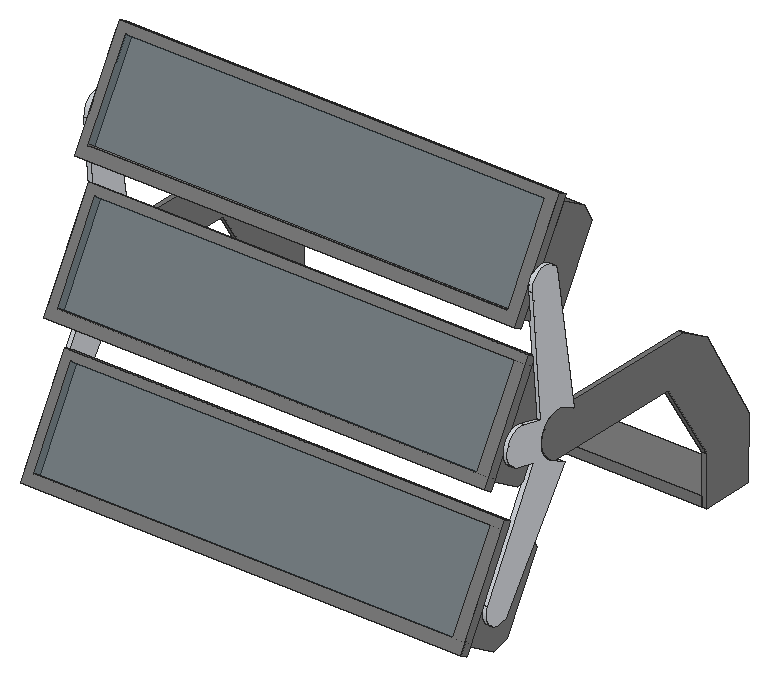
Revit family "Lighting-Floodlights-GEWISS-STADIUMPRO3-LED-HIGH-POWER_3MODULE", category Apparecchi per illuminazione, host Superficie, Revit 2019
Family settings
  Host = Superficie
  Quota connettore circolare = Usa diametro
  Tipo di parte = Normale
  Taglio con vuoti quando caricato = No
  Sorgente d'illuminazione = Sì
  Condiviso = No
  Punto di calcolo locali = Sì
Parameters (values of type "GWP3331AL740 - STADIUM PRO 3M CL.I C4 CRI 70 4000K")
  larghezza lampada = Lugnezza massima - 24 mm  # 50 mm
  Wiring = "Multipolar cable between floodlight and power supply"
  Wattage = 9.2903 W
  Warranty = "5 years"
  Visibilità etichetta [instance] = yes
  Visibilità simbolo [instance] = yes
  Visibilità lampada in pianta [instance] = yes
  Versions = "4000K natural light"
  Version file RFA = "21.4"
  Variazione temperatura colore lampada con luminosità attenuata = <Nessuno>
  Unique digital code (Datamatrix) = "Currently not present"
  Unified Glare Rating = "ULOR = 0%"
  URL = "https://www.gewiss.com/ww/en"
  Type of light source = "LED - Not replaceable"
  Tilt- = "Rotation on bracket with integrated goniometer"
  built-in parameter 1150107 = 3200 (stored number, unit not read)
  Technical sheet = "https://www.gewiss.com/ww/en/search?q=GWP3331AL740"
  Supply voltage = "See external supply unit"
  Stocking temperature = "-"
  Standards and approvals = "-"
  Standard- = "EN60598-1; EN60598-2-5; IEC 62471; IEC 62778"
  Standard Deviation Colour Matching = "SDCM = 5"
  Spostamento_x_effettivo [instance] = 4000 mm - Spostamento_x  # 4000 mm
  Spostamento_x [instance] = 0 mm
  Spostamento_y_effettivo [instance] = 4000 mm - Spostamento_y  # 4000 mm
  Spostamento_y [instance] = 0 mm
  Shock resistance = "IK08"
  Shield type = "Flat tempered glass 4mm"
  SEO = "Floodlight"
  Realized by GEWISS S.p.A. = ""
  Rated frequency (Hz) = "See external supply unit"
  ROTAZIONE [instance] = 45
  Photobiological Risk Class = "-"
  built-in parameter 1150110 = 1 (stored number, unit not read)
  built-in parameter 1150109 = 1 (stored number, unit not read)
  built-in parameter 1114218 = 1 (stored number, unit not read)
  built-in parameter 1150112 = 1 (stored number, unit not read)
  POSIZIONE = 80000  # constant formula
  Overvoltage protection = "See external supply unit"
  Optic and illuminating features = "-"
  Optic Maintenance = "Not available"
  Optic : = "T.I.R.Ex. Optical PMMA HT"
  Optic = "Circular 15°"
  Operating temperature : = "-25 +50 °C"
  built-in parameter 1150142 = (empty or 0)
  Mouting and installation = "Lighting tower - Surface"
  built-in parameter 1150137 = (empty or 0)
  built-in parameter 1150132 = (empty or 0)
  Maximum surface exposed to the wind : = "0,36 m2"
  Materials = "-"
  Luminaire = "High power LED floodlight"
  Lugnezza massima = 74 mm
  Default Elevation = 1219.2 mm
  Produttore = "GEWISS S.p.A."
  Nome quadro [instance] = "330W"
  Modello = "GWP3331AL740"
  Locking Hook = "-"
  Lifetime = "L90B10(Tq25°C)=40.000h; L80B10(Tq25°C)=75.000h"
  LED Maintenance = "Yes"
  built-in parameter 1150105 = 109.82 (stored number, unit not read)
  built-in parameter 1150102 = (empty or 0)
  Insulation class = "I"
  Installationa and maintenance = "-"
  Immagine tipo = StadiumPro3.jpg
  built-in parameter 1150106 = 1.0982 (stored number, unit not read)
  IPEA = "-"
  IP degree = "IP66"
  IDT = "0552d4b8-4f10-43b5-b8ac-94f59a03828d"
  IDF = "a6aa3e22-a2e7-464f-a96b-5eadfcc16f21"
  Glow Wire Test : = "-"
  General information = "-"
  Gasket = "Anti-aging silicone"
  Lumens = 1380 lm
  Fixing = "Bracket"
  Color Filter = 16777215
  File diagramma fotometrico = "generic"
  built-in parameter 1114217 = 1 (stored number, unit not read)
  built-in parameter 1150139 = (empty or 0)
  External screw = "Stainless steel"
  Emetti da lunghezza linea = 609.6 mm
  Eletrical and lighting features = "-"
  built-in parameter 1150104 = 13.8 (stored number, unit not read)
  EAN code = ""
  Driver failure rate = "See external supply unit"
  Driver Box = "External"
  Driver = "To be ordered separately"
  Distanza dal host [instance] = 0 mm
  built-in parameter 1150115 = 1 (stored number, unit not read)
  built-in parameter 1150114 = 1 (stored number, unit not read)
  built-in parameter 1150113 = 1 (stored number, unit not read)
  Device with reduced surface temperature = "-"
  Descrizione = "STADIUM PRO 3M CL.I C4 CRI 70 4000K"
  DIN 18032-3 certification = "-"
  Control System = "See external supply unit"
  Context = "Professional sport lighting"
  Colour : = "Polyester powder coated"
  Colour = "Graphite grey"
  built-in parameter 1150134 = 3
  built-in parameter 1150138 = (empty or 0)
  Color Rendering Index = "CRI70"
  Classification: = "-"
  Catalogue = "LIGHTING"
  COBie.Tagnumber = ""
  COBie.CreatedOn = ""
  COBie.CreatebBy = ""
  COBie.ComponentRegisterItemID = ""
  COBie.Component.TagNumber = ""
  COBie.Component.Space = ""
  COBie.Component.SerialNumber = ""
  COBie.Component.InstallationDate = ""
  COBie.Component.Description = ""
  COBie.Component.BarCode = ""
  Body = "Die-cast aluminium -"
  Application = "Indoor / Outdoor"
  Tilt Angle = 60.00°
  built-in parameter 1150133 = 10 (stored number, unit not read)
Types (45, lengths in mm): name | Versions | Technical sheet | Standard Deviation Colour Matching | Optic | Modello | IDT | Descrizione | Color Rendering Index | Catalogue
  GWP3331AA740 - STADIUM PRO 3M CL.I S1 CRI 70 4000K | "4000K natural light" | "https://www.gewiss.com/ww/en/search?q=GWP3331AA740" | "SDCM = 5" | "Elliptical 20°x80°" | "GWP3331AA740" | "71fdabe4-705b-402b-bde7-404b13334075" | "STADIUM PRO 3M CL.I S1 CRI 70 4000K" | "CRI70" | "LIGHTING"
  GWP3331AA757 - STADIUM PRO 3M CL.I S1 CRI 70 5700K | "5700K cold light" | "https://www.gewiss.com/ww/en/search?q=GWP3331AA757" | "SDCM = 5" | "Elliptical 20°x80°" | "GWP3331AA757" | "86822715-ef8b-44fd-92cd-ddf05a0e0fc7" | "STADIUM PRO 3M CL.I S1 CRI 70 5700K" | "CRI70" | "LIGHTING"
  GWP3331AA840 - STADIUM PRO 3M CL.I S1 CRI 80 4000K | "4000K natural light" | "https://www.gewiss.com/ww/en/search?q=GWP3331AA840" | "SDCM = 3" | "Elliptical 20°x80°" | "GWP3331AA840" | "6c9d6176-3996-44ba-8557-1cde0ca94f63" | "STADIUM PRO 3M CL.I S1 CRI 80 4000K" | "CRI 80" | "LIGHTING"
  GWP3331AA857 - STADIUM PRO 3M CL.I S1 CRI 80 5700K | "5700K cold light" | "https://www.gewiss.com/ww/en/search?q=GWP3331AA857" | "SDCM = 3" | "Elliptical 20°x80°" | "GWP3331AA857" | "d7a86529-2c71-42a8-9ee4-7475fefc1f36" | "STADIUM PRO 3M CL.I S1 CRI 80 5700K" | "CRI 80" | "LIGHTING"
  GWP3331AA957 - STADIUM PRO 3M CL.I S1 CRI 90 5700K | "5700K cold light" | "https://www.gewiss.com/ww/en/search?q=GWP3331AA957" | "SDCM = 3" | "Elliptical 20°x80°" | "GWP3331AA957" | "8c9b0eee-78f9-48f0-b5b3-69a8bcf728a4" | "STADIUM PRO 3M CL.I S1 CRI 90 5700K" | "CRI>90 TLCI>80" | "LIGHTING"
  GWP3331AB740 - STADIUM PRO 3M CL.I A1 CRI 70 4000K | "4000K natural light" | "https://www.gewiss.com/ww/en/search?q=GWP3331AB740" | "SDCM = 5" | "Asymmetric 45°" | "GWP3331AB740" | "7779b545-235d-4d2d-a88c-e6b2111916b2" | "STADIUM PRO 3M CL.I A1 CRI 70 4000K" | "CRI70" | "LIGHTING"
  GWP3331AB757 - STADIUM PRO 3M CL.I A1 CRI 70 5700K | "5700K cold light" | "https://www.gewiss.com/ww/en/search?q=GWP3331AB757" | "SDCM = 5" | "Asymmetric 45°" | "GWP3331AB757" | "cd94a00a-7a15-480d-99f9-1775612c0266" | "STADIUM PRO 3M CL.I A1 CRI 70 5700K" | "CRI70" | "LIGHTING"
  GWP3331AB840 - STADIUM PRO 3M CL.I A1 CRI 80 4000K | "4000K natural light" | "https://www.gewiss.com/ww/en/search?q=GWP3331AB840" | "SDCM = 3" | "Asymmetric 45°" | "GWP3331AB840" | "0763388b-06d3-4791-af85-db7ff9b0ad57" | "STADIUM PRO 3M CL.I A1 CRI 80 4000K" | "CRI 80" | "LIGHTING"
  GWP3331AB857 - STADIUM PRO 3M CL.I A1 CRI 80 5700K | "5700K cold light" | "https://www.gewiss.com/ww/en/search?q=GWP3331AB857" | "SDCM = 3" | "Asymmetric 45°" | "GWP3331AB857" | "0cd2f741-1339-4252-b5d5-594086270e6f" | "STADIUM PRO 3M CL.I A1 CRI 80 5700K" | "CRI 80" | "LIGHTING"
  GWP3331AB957 - STADIUM PRO 3M CL.I A1 CRI 90 5700K | "5700K cold light" | "https://www.gewiss.com/ww/en/search?q=GWP3331AB957" | "SDCM = 3" | "Asymmetric 45°" | "GWP3331AB957" | "7879698d-3909-4ecf-8006-535fa260dbb2" | "STADIUM PRO 3M CL.I A1 CRI 90 5700K" | "CRI>90 TLCI>80" | "LIGHTING"
  GWP3331AC740 - STADIUM PRO 3M CL.I A2 CRI 70 4000K | "4000K natural light" | "https://www.gewiss.com/ww/en/search?q=GWP3331AC740" | "SDCM = 5" | "Asymmetric 60°" | "GWP3331AC740" | "815a150e-9c42-445c-a4b8-0061953f2721" | "STADIUM PRO 3M CL.I A2 CRI 70 4000K" | "CRI70" | "LIGHTING"
  GWP3331AC757 - STADIUM PRO 3M CL.I A2 CRI 70 5700K | "5700K cold light" | "https://www.gewiss.com/ww/en/search?q=GWP3331AC757" | "SDCM = 5" | "Asymmetric 60°" | "GWP3331AC757" | "915c9f21-ba1a-4954-849c-20926e506c8f" | "STADIUM PRO 3M CL.I A2 CRI 70 5700K" | "CRI70" | "LIGHTING"
  GWP3331AC840 - STADIUM PRO 3M CL.I A2 CRI 80 4000K | "4000K natural light" | "https://www.gewiss.com/ww/en/search?q=GWP3331AC840" | "SDCM = 3" | "Asymmetric 60°" | "GWP3331AC840" | "36156798-dc2a-4a24-876f-3ad15a323767" | "STADIUM PRO 3M CL.I A2 CRI 80 4000K" | "CRI 80" | "LIGHTING"
  GWP3331AC857 - STADIUM PRO 3M CL.I A2 CRI 80 5700K | "5700K cold light" | "https://www.gewiss.com/ww/en/search?q=GWP3331AC857" | "SDCM = 3" | "Asymmetric 60°" | "GWP3331AC857" | "a20a3174-aa11-4737-9ba4-7e90430fb485" | "STADIUM PRO 3M CL.I A2 CRI 80 5700K" | "CRI 80" | "LIGHTING"
  GWP3331AC957 - STADIUM PRO 3M CL.I A2 CRI 90 5700K | "5700K cold light" | "https://www.gewiss.com/ww/en/search?q=GWP3331AC957" | "SDCM = 3" | "Asymmetric 60°" | "GWP3331AC957" | "6608a637-5511-41da-b4f4-c256cdc47868" | "STADIUM PRO 3M CL.I A2 CRI 90 5700K" | "CRI>90 TLCI>80" | "LIGHTING"
  GWP3331AF740 - STADIUM PRO 3M CL.I C1 CRI 70 4000K | "4000K natural light" | "https://www.gewiss.com/ww/en/search?q=GWP3331AF740" | "SDCM = 5" | "Circular 40°" | "GWP3331AF740" | "f46962fe-b53f-4c9f-81fd-3338e319fd29" | "STADIUM PRO 3M CL.I C1 CRI 70 4000K" | "CRI70" | "LIGHTING"
  GWP3331AF757 - STADIUM PRO 3M CL.I C1 CRI 70 5700K | "5700K cold light" | "https://www.gewiss.com/ww/en/search?q=GWP3331AF757" | "SDCM = 5" | "Circular 40°" | "GWP3331AF757" | "702547e1-c0cd-444c-8765-e8e4b7414ba0" | "STADIUM PRO 3M CL.I C1 CRI 70 5700K" | "CRI70" | "LIGHTING"
  GWP3331AF840 - STADIUM PRO 3M CL.I C1 CRI 80 4000K | "4000K natural light" | "https://www.gewiss.com/ww/en/search?q=GWP3331AF840" | "SDCM = 3" | "Circular 40°" | "GWP3331AF840" | "a2956d2d-f5de-4c93-86d0-7d418a8d4cef" | "STADIUM PRO 3M CL.I C1 CRI 80 4000K" | "CRI 80" | "LIGHTING"
  GWP3331AF857 - STADIUM PRO 3M CL.I C1 CRI 80 5700K | "5700K cold light" | "https://www.gewiss.com/ww/en/search?q=GWP3331AF857" | "SDCM = 3" | "Circular 40°" | "GWP3331AF857" | "92a87940-a9e4-4797-9f21-019feff4503c" | "STADIUM PRO 3M CL.I C1 CRI 80 5700K" | "CRI 80" | "LIGHTING"
  GWP3331AF957 - STADIUM PRO 3M CL.I C1 CRI 90 5700K | "5700K cold light" | "https://www.gewiss.com/ww/en/search?q=GWP3331AF957" | "SDCM = 3" | "Circular 40°" | "GWP3331AF957" | "6ac2cecf-453b-4bb9-a587-70d62aa0fd80" | "STADIUM PRO 3M CL.I C1 CRI 90 5700K" | "CRI>90 TLCI>80" | "LIGHTING"
  GWP3331AG740 - STADIUM PRO 3M CL.I C2 CRI 70 4000K | "4000K natural light" | "https://www.gewiss.com/ww/en/search?q=GWP3331AG740" | "SDCM = 5" | "Circular 30°" | "GWP3331AG740" | "5290b1b7-c64a-49e5-8722-827858a68237" | "STADIUM PRO 3M CL.I C2 CRI 70 4000K" | "CRI70" | "E-MOBILITY"
  GWP3331AG757 - STADIUM PRO 3M CL.I C2 CRI 70 5700K | "5700K cold light" | "https://www.gewiss.com/ww/en/search?q=GWP3331AG757" | "SDCM = 5" | "Circular 30°" | "GWP3331AG757" | "81c4e4d4-3526-4bd5-a476-a2a7c36a0262" | "STADIUM PRO 3M CL.I C2 CRI 70 5700K" | "CRI70" | "E-MOBILITY"
  GWP3331AG840 - STADIUM PRO 3M CL.I C2 CRI 80 4000K | "4000K natural light" | "https://www.gewiss.com/ww/en/search?q=GWP3331AG840" | "SDCM = 3" | "Circular 30°" | "GWP3331AG840" | "a9f5d21e-61cc-4412-90f5-663f16b3a050" | "STADIUM PRO 3M CL.I C2 CRI 80 4000K" | "CRI 80" | "E-MOBILITY"
  GWP3331AG857 - STADIUM PRO 3M CL.I C2 CRI 80 5700K | "5700K cold light" | "https://www.gewiss.com/ww/en/search?q=GWP3331AG857" | "SDCM = 3" | "Circular 30°" | "GWP3331AG857" | "774f905b-7e1d-4775-b545-e0850524c04a" | "STADIUM PRO 3M CL.I C2 CRI 80 5700K" | "CRI 80" | "E-MOBILITY"
  GWP3331AG957 - STADIUM PRO 3M CL.I C2 CRI 90 5700K | "5700K cold light" | "https://www.gewiss.com/ww/en/search?q=GWP3331AG957" | "SDCM = 3" | "Circular 30°" | "GWP3331AG957" | "db11d14e-f22d-4704-b172-c2878a01aaf5" | "STADIUM PRO 3M CL.I C2 CRI 90 5700K" | "CRI>90 TLCI>80" | "E-MOBILITY"
  GWP3331AH740 - STADIUM PRO 3M CL.I C3 CRI 70 4000K | "4000K natural light" | "https://www.gewiss.com/ww/en/search?q=GWP3331AH740" | "SDCM = 5" | "Circular 20°" | "GWP3331AH740" | "ce776ef3-688d-444e-bfc2-ab5dcef6a08b" | "STADIUM PRO 3M CL.I C3 CRI 70 4000K" | "CRI70" | "LIGHTING"
  GWP3331AH757 - STADIUM PRO 3M CL.I C3 CRI 70 5700K | "5700K cold light" | "https://www.gewiss.com/ww/en/search?q=GWP3331AH757" | "SDCM = 5" | "Circular 20°" | "GWP3331AH757" | "bf0c7a26-62ab-4f78-b6cd-52980975e69f" | "STADIUM PRO 3M CL.I C3 CRI 70 5700K" | "CRI70" | "LIGHTING"
  GWP3331AH840 - STADIUM PRO 3M CL.I C3 CRI 80 4000K | "4000K natural light" | "https://www.gewiss.com/ww/en/search?q=GWP3331AH840" | "SDCM = 3" | "Circular 20°" | "GWP3331AH840" | "97a5dc25-16c0-4c51-8f42-66c89eeb39dc" | "STADIUM PRO 3M CL.I C3 CRI 80 4000K" | "CRI 80" | "LIGHTING"
  GWP3331AH857 - STADIUM PRO 3M CL.I C3 CRI 80 5700K | "5700K cold light" | "https://www.gewiss.com/ww/en/search?q=GWP3331AH857" | "SDCM = 3" | "Circular 20°" | "GWP3331AH857" | "dce5b2c5-2183-47f1-afb5-765aefca26e8" | "STADIUM PRO 3M CL.I C3 CRI 80 5700K" | "CRI 80" | "LIGHTING"
  GWP3331AH957 - STADIUM PRO 3M CL.I C3 CRI 90 5700K | "5700K cold light" | "https://www.gewiss.com/ww/en/search?q=GWP3331AH957" | "SDCM = 3" | "Circular 20°" | "GWP3331AH957" | "ba6318ad-611b-439e-b5c2-aca014c0d9dc" | "STADIUM PRO 3M CL.I C3 CRI 90 5700K" | "CRI>90 TLCI>80" | "LIGHTING"
  GWP3331AL740 - STADIUM PRO 3M CL.I C4 CRI 70 4000K | "4000K natural light" | "https://www.gewiss.com/ww/en/search?q=GWP3331AL740" | "SDCM = 5" | "Circular 15°" | "GWP3331AL740" | "0552d4b8-4f10-43b5-b8ac-94f59a03828d" | "STADIUM PRO 3M CL.I C4 CRI 70 4000K" | "CRI70" | "LIGHTING"
  GWP3331AL757 - STADIUM PRO 3M CL.I C4 CRI 70 5700K | "5700K cold light" | "https://www.gewiss.com/ww/en/search?q=GWP3331AL757" | "SDCM = 5" | "Circular 15°" | "GWP3331AL757" | "73ce639a-ade1-45e8-83a6-d947f467ffc0" | "STADIUM PRO 3M CL.I C4 CRI 70 5700K" | "CRI70" | "LIGHTING"
  GWP3331AL840 - STADIUM PRO 3M CL.I C4 CRI 80 4000K | "4000K natural light" | "https://www.gewiss.com/ww/en/search?q=GWP3331AL840" | "SDCM = 3" | "Circular 15°" | "GWP3331AL840" | "19e65261-286f-48ed-97d2-5e6e49ac884a" | "STADIUM PRO 3M CL.I C4 CRI 80 4000K" | "CRI 80" | "LIGHTING"
  GWP3331AL857 - STADIUM PRO 3M CL.I C4 CRI 80 5700K | "5700K cold light" | "https://www.gewiss.com/ww/en/search?q=GWP3331AL857" | "SDCM = 3" | "Circular 15°" | "GWP3331AL857" | "ff0fbeb8-f432-456e-b48a-ec8e42250fba" | "STADIUM PRO 3M CL.I C4 CRI 80 5700K" | "CRI 80" | "LIGHTING"
  GWP3331AL957 - STADIUM PRO 3M CL.I C4 CRI 90 5700K | "5700K cold light" | "https://www.gewiss.com/ww/en/search?q=GWP3331AL957" | "SDCM = 3" | "Circular 15°" | "GWP3331AL957" | "a7b0abd9-eeeb-44e5-8f71-daae8391bdf7" | "STADIUM PRO 3M CL.I C4 CRI 90 5700K" | "CRI>90 TLCI>80" | "LIGHTING"
  GWP3331AM740 - STADIUM PRO 3M CL.I C5 CRI 70 4000K | "4000K natural light" | "https://www.gewiss.com/ww/en/search?q=GWP3331AM740" | "SDCM = 5" | "Circular 10°" | "GWP3331AM740" | "b7cdc911-917d-4dfa-b375-a9316b186adc" | "STADIUM PRO 3M CL.I C5 CRI 70 4000K" | "CRI70" | "LIGHTING"
  GWP3331AM757 - STADIUM PRO 3M CL.I C5 CRI 70 5700K | "5700K cold light" | "https://www.gewiss.com/ww/en/search?q=GWP3331AM757" | "SDCM = 5" | "Circular 10°" | "GWP3331AM757" | "f908a28e-8f6d-4745-a78d-ffd2d7fa923e" | "STADIUM PRO 3M CL.I C5 CRI 70 5700K" | "CRI70" | "LIGHTING"
  GWP3331AM840 - STADIUM PRO 3M CL.I C5 CRI 80 4000K | "4000K natural light" | "https://www.gewiss.com/ww/en/search?q=GWP3331AM840" | "SDCM = 3" | "Circular 10°" | "GWP3331AM840" | "215ed7bf-df99-4965-a5d5-e1b266dc5921" | "STADIUM PRO 3M CL.I C5 CRI 80 4000K" | "CRI 80" | "LIGHTING"
  GWP3331AM857 - STADIUM PRO 3M CL.I C5 CRI 80 5700K | "5700K cold light" | "https://www.gewiss.com/ww/en/search?q=GWP3331AM857" | "SDCM = 3" | "Circular 10°" | "GWP3331AM857" | "cc49035c-61d2-40c0-96bd-6905311b9708" | "STADIUM PRO 3M CL.I C5 CRI 80 5700K" | "CRI 80" | "LIGHTING"
  GWP3331AM957 - STADIUM PRO 3M CL.I C5 CRI 90 5700K | "5700K cold light" | "https://www.gewiss.com/ww/en/search?q=GWP3331AM957" | "SDCM = 3" | "Circular 10°" | "GWP3331AM957" | "683fba22-30e8-4dd1-a8d4-a609f3f74284" | "STADIUM PRO 3M CL.I C5 CRI 90 5700K" | "CRI>90 TLCI>80" | "LIGHTING"
  GWP3331AN740 - STADIUM PRO 3M CL.I C6 CRI 70 4000K | "4000K natural light" | "https://www.gewiss.com/ww/en/search?q=GWP3331AN740" | "SDCM = 5" | "Circular 8°" | "GWP3331AN740" | "7a008514-a58f-4326-89a7-589802c57b4a" | "STADIUM PRO 3M CL.I C6 CRI 70 4000K" | "CRI70" | "LIGHTING"
  GWP3331AN757 - STADIUM PRO 3M CL.I C6 CRI 70 5700K | "5700K cold light" | "https://www.gewiss.com/ww/en/search?q=GWP3331AN757" | "SDCM = 5" | "Circular 8°" | "GWP3331AN757" | "4e45877b-e59a-42db-a2e8-606d3c806e60" | "STADIUM PRO 3M CL.I C6 CRI 70 5700K" | "CRI70" | "LIGHTING"
  GWP3331AN840 - STADIUM PRO 3M CL.I C6 CRI 80 4000K | "4000K natural light" | "https://www.gewiss.com/ww/en/search?q=GWP3331AN840" | "SDCM = 3" | "Circular 8°" | "GWP3331AN840" | "428c101d-cf29-407a-a6e5-3667f7e04ae1" | "STADIUM PRO 3M CL.I C6 CRI 80 4000K" | "CRI 80" | "LIGHTING"
  GWP3331AN857 - STADIUM PRO 3M CL.I C6 CRI 80 5700K | "5700K cold light" | "https://www.gewiss.com/ww/en/search?q=GWP3331AN857" | "SDCM = 3" | "Circular 8°" | "GWP3331AN857" | "2f198fc4-9a28-4f4b-ac8e-fee77655797c" | "STADIUM PRO 3M CL.I C6 CRI 80 5700K" | "CRI 80" | "LIGHTING"
  GWP3331AN957 - STADIUM PRO 3M CL.I C6 CRI 90 5700K | "5700K cold light" | "https://www.gewiss.com/ww/en/search?q=GWP3331AN957" | "SDCM = 3" | "Circular 8°" | "GWP3331AN957" | "6f5f09dc-d08a-4090-8c79-dae2e8ca9029" | "STADIUM PRO 3M CL.I C6 CRI 90 5700K" | "CRI>90 TLCI>80" | "LIGHTING"
Reference planes
  plane 1 "Centro (Fronte/Retro)": y = 0
  plane 2: z = 0
  plane 3 "Centro (Sinistra/Destra)": x = 0
  plane 4: x = -4000
  plane 5: x = 0
  plane 6: x = 0
  plane 7: y = -4000
  plane 8: y = 0
  plane 9 "a": through (0, -290.182, 34.975) normal (0, -0.7071, 0.7071)
  plane 10: through (-235.047, -128.222, 1219.2) normal (-0.9563, 0.2924, 0)
  plane 11: through (-40, -89.462, 1219.2) normal (0.1564, 0.9877, 0)
  plane 12: through (239.503, 190.64, 1219.2) normal (0.9563, -0.2924, 0)
Dimensions and locks
  plane 4 to plane 3 "Centro (Sinistra/Destra)" = 4000 mm  (x2)
  "Spostamento_x_effettivo": plane 4 to plane 5
  "Spostamento_x_effettivo": plane 6 to plane 4
  "Spostamento_y_effettivo": plane 8 to plane 7
  plane 1 "Centro (Fronte/Retro)" to plane 7 = 4000 mm
  angle plane 11 to plane 12 = 82.00°  (x2)
  angle plane 10 to plane 11 = 98.00°
  aligned and locked: plane 2 to host face
  aligned and locked: level to host face
  aligned and locked: plane 6 to nested 1
  aligned and locked: nested 1 to plane 8
  aligned and locked: plane 8 to nested 2
  aligned and locked: imposter light to nested 2
Automatic sketch dimensions
  host sketch curve to host sketch curve = 2438.4 mm  (x2)
Nested families
  nested 1: "Etichetta light" at (0, 0, 0), visible <- "Visibilità etichetta", type "Etichetta light"
  nested 2: "STADIUM PRO 3_led" at (0, -90, 0), type "STADIUM PRO 3_led"
Definition of nested family "STADIUM PRO 3_led"
  Parameters (values of type "STADIUM PRO 3_led")
    led = none
    l_proiettore = 772 mm
    h_lampada = 58 mm
    Finitura struttura = none
  Reference planes
    plane 1 "Centro (Fronte/Retro)": y = 0
    plane 2: z = 0
    plane 3 "Centro (Sinistra/Destra)": x = 0
    plane 4: x = 386
    plane 5: x = 378
    plane 6: x = -386
    plane 7: x = -378
    plane 8: y = 90
  Forms (mm)
    Extrusion 1, solid, material <- "Finitura struttura"
      sketch origin (0, 0, 0) x (0, 1, 0) y (0, 0, -1)
        loop
          arc (-316.352, -217.267) -> (-353.722, -254.637) -> (-316.352, -292.007) r 37.37
          line (-316.352, -292.007) -> (-48.852, -292.007) -> (0, -263.802) -> (90, -107.918) -> (90, 0) -> (0, 0) -> (0, -85) -> (-82.649, -217.267) -> (-316.352, -217.267)
      from 378 to 386
    Extrusion 2, solid, material <- "Finitura struttura"
      sketch origin (0, 0, 0) x (1, 0, 0) y (0, 1, 0)
        loop
          line (378, 0) -> (378, 90) -> (-378, 90) -> (-378, 0) -> (378, 0)
      from 0 to 16.178
    Extrusion 3, solid, material <- "Finitura struttura"
      sketch origin (0, 0, 0) x (0, 1, 0) y (0, 0, 1)
        loop
          line (-316.352, 217.267) -> (-82.649, 217.267) -> (0, 85) -> (0, 0) -> (90, 0) -> (90, 107.918) -> (0, 263.802) -> (-48.852, 292.007) -> (-316.352, 292.007)
          arc (-316.352, 292.007) -> (-353.722, 254.637) -> (-316.352, 217.267) r 37.37
      from 378 to 386
    Extrusion 4, solid, material <- "led"
      sketch origin (0, 1268.525, -1383.744) x (0, 0.866025, -0.5) y (0, 0.5, 0.866025)
        loop
          line (-2238.14, 322.274) -> (-2223.14, 322.274) -> (-2223.14, 482.274) -> (-2238.14, 482.274) -> (-2238.14, 322.274)
      from -378 to 378
    Extrusion 5, solid, material <- "Finitura struttura"
      sketch origin (0, 1262.235, -1379.076) x (0, 0.866025, -0.5) y (0, 0.5, 0.866025)
        loop
          line (-2215.359, 316.368) -> (-2156.261, 316.368) -> (-2135.048, 337.581) -> (-2135.048, 467.581) -> (-2165.359, 485.081) -> (-2215.359, 485.081) -> (-2215.359, 316.368)
      from -378 to 378
    Extrusion 6, solid, material <- "Finitura struttura"
      sketch origin (0, -28.39, -231.475) x (1, 0, 0) y (0, 0.5, 0.866025)
        loop
          line (-378, 146.542) -> (-378, -45.315) -> (378, -45.315) -> (378, 146.542) -> (-378, 146.542)
        loop
          line (-362.033, 132.837) -> (-362.033, -27.163) -> (357.967, -27.163) -> (357.967, 132.837) -> (-362.033, 132.837)
      from 523.844 to 538.844
    Extrusion 7, solid, material <- "Finitura struttura", not visible
      sketch origin (0, 1866.103, -348.539) x (0, 1, 0) y (0, 0, 1)
        loop
          line (-2215.359, 316.368) -> (-2156.261, 316.368) -> (-2135.048, 337.581) -> (-2135.048, 467.581) -> (-2165.359, 485.081) -> (-2215.359, 485.081) -> (-2215.359, 316.368)
      from -378 to 378
    Extrusion 8, solid, material <- "Finitura struttura", not visible
      sketch origin (0, 0, 0) x (1, 0, 0) y (0, 0, 1)
        loop
          line (-378, 146.542) -> (-378, -45.315) -> (378, -45.315) -> (378, 146.542) -> (-378, 146.542)
        loop
          line (-362.033, 132.837) -> (-362.033, -27.163) -> (357.967, -27.163) -> (357.967, 132.837) -> (-362.033, 132.837)
      from 349.256 to 364.256
    Extrusion 9, solid, material <- "Finitura struttura"
      sketch origin (0, 1313.7, -1147.467) x (0, 0.866025, -0.5) y (0, 0.5, 0.866025)
        loop
          line (-2215.359, 316.368) -> (-2156.261, 316.368) -> (-2135.048, 337.581) -> (-2135.048, 467.581) -> (-2165.359, 485.081) -> (-2215.359, 485.081) -> (-2215.359, 316.368)
      from -378 to 378
    Extrusion 10, solid, material <- "Finitura struttura"
      sketch origin (0, -128.124, 87.428) x (1, 0, 0) y (0, 0.5, 0.866025)
        loop
          line (-378, 146.542) -> (-378, -45.315) -> (378, -45.315) -> (378, 146.542) -> (-378, 146.542)
        loop
          line (-362.033, 132.837) -> (-362.033, -27.163) -> (357.967, -27.163) -> (357.967, 132.837) -> (-362.033, 132.837)
      from 349.256 to 364.256
    Extrusion 11, solid, material <- "Finitura struttura"
      sketch origin (0, 1379.031, -926.749) x (0, 0.866025, -0.5) y (0, 0.5, 0.866025)
        loop
          line (-2215.359, 316.368) -> (-2156.261, 316.368) -> (-2135.048, 337.581) -> (-2135.048, 467.581) -> (-2165.359, 485.081) -> (-2215.359, 485.081) -> (-2215.359, 316.368)
      from -378 to 378
    Extrusion 12, solid, material <- "Finitura struttura"
      sketch origin (0, -62.793, 308.146) x (1, 0, 0) y (0, 0.5, 0.866025)
        loop
          line (-378, 146.542) -> (-378, -45.315) -> (378, -45.315) -> (378, 146.542) -> (-378, 146.542)
        loop
          line (-362.033, 132.837) -> (-362.033, -27.163) -> (357.967, -27.163) -> (357.967, 132.837) -> (-362.033, 132.837)
      from 349.256 to 364.256
    Extrusion 13, solid, material <- "led", not visible
      sketch origin (0, 1873.885, -376.937) x (0, 1, 0) y (0, 0, 1)
        loop
          line (-2238.14, 322.274) -> (-2223.14, 322.274) -> (-2223.14, 482.274) -> (-2238.14, 482.274) -> (-2238.14, 322.274)
      from -378 to 378
    Extrusion 14, solid, material <- "Finitura struttura", not visible
      sketch origin (0, 1866.103, -376.039) x (0, 1, 0) y (0, 0, 1)
        loop
          line (-2215.359, 316.368) -> (-2156.261, 316.368) -> (-2135.048, 337.581) -> (-2135.048, 467.581) -> (-2165.359, 485.081) -> (-2215.359, 485.081) -> (-2215.359, 316.368)
      from -378 to 378
    Extrusion 15, solid, material <- "Finitura struttura", not visible
      sketch origin (0, 0, -27.5) x (1, 0, 0) y (0, 0, 1)
        loop
          line (-378, 146.542) -> (-378, -45.315) -> (378, -45.315) -> (378, 146.542) -> (-378, 146.542)
        loop
          line (-362.033, 132.837) -> (-362.033, -27.163) -> (357.967, -27.163) -> (357.967, 132.837) -> (-362.033, 132.837)
      from 349.256 to 364.256
    Extrusion 16, solid, material <- "Finitura struttura", not visible
      sketch origin (0, 1794.869, -149.727) x (0, 1, 0) y (0, 0, 1)
        loop
          line (-2215.359, 316.368) -> (-2156.261, 316.368) -> (-2135.048, 337.581) -> (-2135.048, 467.581) -> (-2165.359, 485.081) -> (-2215.359, 485.081) -> (-2215.359, 316.368)
      from -378 to 378
    Extrusion 17, solid, material <- "Finitura struttura", not visible
      sketch origin (0, -71.234, 198.812) x (1, 0, 0) y (0, 0, 1)
        loop
          line (-378, 146.542) -> (-378, -45.315) -> (378, -45.315) -> (378, 146.542) -> (-378, 146.542)
        loop
          line (-362.033, 132.837) -> (-362.033, -27.163) -> (357.967, -27.163) -> (357.967, 132.837) -> (-362.033, 132.837)
      from 349.256 to 364.256
    Extrusion 18, solid, material <- "Finitura struttura", not visible
      sketch origin (0, 1741.088, 74.086) x (0, 1, 0) y (0, 0, 1)
        loop
          line (-2215.359, 316.368) -> (-2156.261, 316.368) -> (-2135.048, 337.581) -> (-2135.048, 467.581) -> (-2165.359, 485.081) -> (-2215.359, 485.081) -> (-2215.359, 316.368)
      from -378 to 378
    Extrusion 19, solid, material <- "Finitura struttura", not visible
      sketch origin (0, -125.015, 422.625) x (1, 0, 0) y (0, 0, 1)
        loop
          line (-378, 146.542) -> (-378, -45.315) -> (378, -45.315) -> (378, 146.542) -> (-378, 146.542)
        loop
          line (-362.033, 132.837) -> (-362.033, -27.163) -> (357.967, -27.163) -> (357.967, 132.837) -> (-362.033, 132.837)
      from 349.256 to 364.256
    Extrusion 20, solid, material <- "led", not visible
      sketch origin (0, 1268.525, -1383.744) x (0, 0.866025, -0.5) y (0, 0.5, 0.866025)
        loop
          line (-2238.14, 322.274) -> (-2223.14, 322.274) -> (-2223.14, 482.274) -> (-2238.14, 482.274) -> (-2238.14, 322.274)
      from -378 to 378
    Extrusion 21, solid, material <- "Finitura struttura", not visible
      sketch origin (0, 1262.235, -1379.076) x (0, 0.866025, -0.5) y (0, 0.5, 0.866025)
        loop
          line (-2215.359, 316.368) -> (-2156.261, 316.368) -> (-2135.048, 337.581) -> (-2135.048, 467.581) -> (-2165.359, 485.081) -> (-2215.359, 485.081) -> (-2215.359, 316.368)
      from -378 to 378
    Extrusion 22, solid, material <- "Finitura struttura", not visible
      sketch origin (0, -28.39, -231.475) x (1, 0, 0) y (0, 0.5, 0.866025)
        loop
          line (-378, 146.542) -> (-378, -45.315) -> (378, -45.315) -> (378, 146.542) -> (-378, 146.542)
        loop
          line (-362.033, 132.837) -> (-362.033, -27.163) -> (357.967, -27.163) -> (357.967, 132.837) -> (-362.033, 132.837)
      from 523.844 to 538.844
    Extrusion 23, solid, material <- "Finitura struttura", not visible
      sketch origin (0, 1379.031, -926.749) x (0, 0.866025, -0.5) y (0, 0.5, 0.866025)
        loop
          line (-2215.359, 316.368) -> (-2156.261, 316.368) -> (-2135.048, 337.581) -> (-2135.048, 467.581) -> (-2165.359, 485.081) -> (-2215.359, 485.081) -> (-2215.359, 316.368)
      from -378 to 378
    Extrusion 24, solid, material <- "Finitura struttura", not visible
      sketch origin (0, -62.793, 308.146) x (1, 0, 0) y (0, 0.5, 0.866025)
        loop
          line (-378, 146.542) -> (-378, -45.315) -> (378, -45.315) -> (378, 146.542) -> (-378, 146.542)
        loop
          line (-362.033, 132.837) -> (-362.033, -27.163) -> (357.967, -27.163) -> (357.967, 132.837) -> (-362.033, 132.837)
      from 349.256 to 364.256
    Extrusion 25, solid, material <- "led"
      sketch origin (0, 1319.99, -1152.136) x (0, 0.866025, -0.5) y (0, 0.5, 0.866025)
        loop
          line (-2238.14, 322.274) -> (-2223.14, 322.274) -> (-2223.14, 482.274) -> (-2238.14, 482.274) -> (-2238.14, 322.274)
      from -378 to 378
    Extrusion 26, solid, material <- "led"
      sketch origin (0, 1386.433, -929.491) x (0, 0.866025, -0.5) y (0, 0.5, 0.866025)
        loop
          line (-2238.14, 322.274) -> (-2223.14, 322.274) -> (-2223.14, 482.274) -> (-2238.14, 482.274) -> (-2238.14, 322.274)
      from -378 to 378
  Dimensions and locks
    locked: plane 5 to plane 4 at 8
    equal spacing: plane 6, plane 3 "Centro (Sinistra/Destra)", plane 4
    "l_proiettore": plane 6 to plane 4
    locked: plane 6 to plane 7 at 8
    locked: plane 1 "Centro (Fronte/Retro)" to plane 8 at 90
    plane 6 to plane 7 = 8 mm
    aligned and locked: level to plane 2
    aligned and locked: Extrusion 1 to plane 7
    aligned and locked: plane 6 to Extrusion 1
    aligned and locked: Extrusion 2 sketch curve to plane 7
    aligned and locked: Extrusion 2 sketch curve to plane 5
    aligned and locked: plane 1 "Centro (Fronte/Retro)" to Extrusion 2
    aligned and locked: plane 8 to Extrusion 2
    aligned and locked: Extrusion 3 to plane 4
    aligned and locked: plane 5 to Extrusion 3
    aligned and locked: plane 4 to nested 1
    aligned and locked: plane 7 to Extrusion 4
    aligned and locked: Extrusion 4 to plane 5
    aligned and locked: Extrusion 5 to Extrusion 1
    aligned and locked: Extrusion 5 to plane 5
    aligned and locked: Extrusion 6 to Extrusion 4  (x2)
    aligned and locked: Extrusion 4 sketch curve to Extrusion 6  (x2)
    aligned and locked: Extrusion 13 sketch curve to Extrusion 15  (x2)
    aligned and locked: Extrusion 20 sketch curve to Extrusion 22  (x2)
  Automatic sketch dimensions
    Extrusion 7 sketch curve to Extrusion 7 sketch curve = 21.213 mm  (x2)
    Extrusion 7 sketch curve to Extrusion 7 sketch curve = 17.5 mm
    Extrusion 8 sketch curve to Extrusion 8 sketch curve = 18.152 mm
    Extrusion 8 sketch curve to Extrusion 8 sketch curve = 13.704 mm
    Extrusion 7 sketch curve to Extrusion 7 sketch curve = 50 mm
    Extrusion 7 sketch curve to Extrusion 7 sketch curve = 59.098 mm
    Extrusion 7 sketch curve to Extrusion 7 sketch curve = 130 mm
    Extrusion 8 sketch curve to Extrusion 8 sketch curve = 15.967 mm
    Extrusion 8 sketch curve to Extrusion 8 sketch curve = 720 mm
    Extrusion 8 sketch curve to Extrusion 8 sketch curve = 20.033 mm
    Extrusion 8 sketch curve to Extrusion 8 sketch curve = 160 mm
    Extrusion 14 sketch curve to Extrusion 14 sketch curve = 21.213 mm  (x2)
    Extrusion 14 sketch curve to Extrusion 14 sketch curve = 17.5 mm
    Extrusion 15 sketch curve to Extrusion 15 sketch curve = 18.152 mm
    Extrusion 15 sketch curve to Extrusion 15 sketch curve = 13.704 mm
    Extrusion 14 sketch curve to Extrusion 14 sketch curve = 50 mm
    Extrusion 14 sketch curve to Extrusion 14 sketch curve = 59.098 mm
    Extrusion 14 sketch curve to Extrusion 14 sketch curve = 130 mm
    Extrusion 15 sketch curve to Extrusion 15 sketch curve = 15.967 mm
    Extrusion 15 sketch curve to Extrusion 15 sketch curve = 720 mm
    Extrusion 15 sketch curve to Extrusion 15 sketch curve = 20.033 mm
    Extrusion 15 sketch curve to Extrusion 15 sketch curve = 160 mm
    Extrusion 16 sketch curve to Extrusion 16 sketch curve = 21.213 mm  (x2)
    Extrusion 16 sketch curve to Extrusion 16 sketch curve = 17.5 mm
    Extrusion 17 sketch curve to Extrusion 17 sketch curve = 18.152 mm
    Extrusion 17 sketch curve to Extrusion 17 sketch curve = 13.704 mm
    Extrusion 16 sketch curve to Extrusion 16 sketch curve = 50 mm
    Extrusion 16 sketch curve to Extrusion 16 sketch curve = 59.098 mm
    Extrusion 16 sketch curve to Extrusion 16 sketch curve = 130 mm
    Extrusion 17 sketch curve to Extrusion 17 sketch curve = 15.967 mm
    Extrusion 17 sketch curve to Extrusion 17 sketch curve = 720 mm
    Extrusion 17 sketch curve to Extrusion 17 sketch curve = 20.033 mm
    Extrusion 17 sketch curve to Extrusion 17 sketch curve = 160 mm
    Extrusion 18 sketch curve to Extrusion 18 sketch curve = 21.213 mm  (x2)
    Extrusion 18 sketch curve to Extrusion 18 sketch curve = 17.5 mm
    Extrusion 19 sketch curve to Extrusion 19 sketch curve = 18.152 mm
    Extrusion 19 sketch curve to Extrusion 19 sketch curve = 13.704 mm
    Extrusion 18 sketch curve to Extrusion 18 sketch curve = 50 mm
    Extrusion 18 sketch curve to Extrusion 18 sketch curve = 59.098 mm
    Extrusion 18 sketch curve to Extrusion 18 sketch curve = 130 mm
    Extrusion 19 sketch curve to Extrusion 19 sketch curve = 15.967 mm
    Extrusion 19 sketch curve to Extrusion 19 sketch curve = 720 mm
    Extrusion 19 sketch curve to Extrusion 19 sketch curve = 20.033 mm
    Extrusion 19 sketch curve to Extrusion 19 sketch curve = 160 mm
    Extrusion 13 sketch curve to Extrusion 13 sketch curve = 15 mm
    Extrusion 21 sketch curve to Extrusion 21 sketch curve = 21.213 mm  (x2)
    Extrusion 21 sketch curve to Extrusion 21 sketch curve = 17.5 mm
    Extrusion 22 sketch curve to Extrusion 22 sketch curve = 18.152 mm
    Extrusion 22 sketch curve to Extrusion 22 sketch curve = 13.704 mm
    Extrusion 21 sketch curve to Extrusion 21 sketch curve = 50 mm
    Extrusion 21 sketch curve to Extrusion 21 sketch curve = 59.098 mm
    Extrusion 21 sketch curve to Extrusion 21 sketch curve = 130 mm
    Extrusion 22 sketch curve to Extrusion 22 sketch curve = 15.967 mm
    Extrusion 22 sketch curve to Extrusion 22 sketch curve = 720 mm
    Extrusion 22 sketch curve to Extrusion 22 sketch curve = 20.033 mm
    Extrusion 22 sketch curve to Extrusion 22 sketch curve = 160 mm
    Extrusion 23 sketch curve to Extrusion 23 sketch curve = 21.213 mm  (x2)
    Extrusion 23 sketch curve to Extrusion 23 sketch curve = 17.5 mm
    Extrusion 24 sketch curve to Extrusion 24 sketch curve = 18.152 mm
    Extrusion 24 sketch curve to Extrusion 24 sketch curve = 13.704 mm
    Extrusion 23 sketch curve to Extrusion 23 sketch curve = 50 mm
    Extrusion 23 sketch curve to Extrusion 23 sketch curve = 59.098 mm
    Extrusion 23 sketch curve to Extrusion 23 sketch curve = 130 mm
    Extrusion 24 sketch curve to Extrusion 24 sketch curve = 15.967 mm
    Extrusion 24 sketch curve to Extrusion 24 sketch curve = 720 mm
    Extrusion 24 sketch curve to Extrusion 24 sketch curve = 20.033 mm
    Extrusion 24 sketch curve to Extrusion 24 sketch curve = 160 mm
    Extrusion 20 sketch curve to Extrusion 20 sketch curve = 15 mm
    Extrusion 1 sketch curve to plane 1 "Centro (Fronte/Retro)" = 0 mm  (x2)
    Extrusion 1 sketch curve to level = 0 mm
    Extrusion 1 sketch curve to plane 8 = 0 mm
    plane 1 "Centro (Fronte/Retro)" to Extrusion 1 sketch curve = 48.852 mm
    Extrusion 1 sketch curve to Extrusion 1 sketch curve = 33.798 mm
    Extrusion 1 sketch curve to Extrusion 1 sketch curve = 233.702 mm
    level to Extrusion 1 sketch curve = 85 mm
    Extrusion 1 sketch curve to Extrusion 1 sketch curve = 22.918 mm
    Extrusion 1 sketch curve to Extrusion 1 sketch curve = 132.267 mm
    Extrusion 1 sketch curve to Extrusion 1 sketch curve = 37.37 mm
    Extrusion 1 sketch curve to Extrusion 1 sketch curve = 28.204 mm
    plane 1 "Centro (Fronte/Retro)" to Extrusion 2 sketch curve = 0 mm
    Extrusion 2 sketch curve to plane 8 = 0 mm
    Extrusion 3 sketch curve to plane 1 "Centro (Fronte/Retro)" = 0 mm  (x2)
    Extrusion 3 sketch curve to level = 0 mm
    Extrusion 3 sketch curve to plane 8 = 0 mm
    plane 1 "Centro (Fronte/Retro)" to Extrusion 3 sketch curve = 48.852 mm
    Extrusion 3 sketch curve to Extrusion 3 sketch curve = 33.798 mm
    Extrusion 3 sketch curve to Extrusion 3 sketch curve = 233.702 mm
    level to Extrusion 3 sketch curve = 85 mm
    Extrusion 3 sketch curve to Extrusion 3 sketch curve = 22.918 mm
    level to Extrusion 3 sketch curve = 217.267 mm
    Extrusion 3 sketch curve to Extrusion 3 sketch curve = 37.37 mm
    Extrusion 3 sketch curve to Extrusion 3 sketch curve = 28.204 mm
    level to Extrusion 4 sketch curve = 152.988 mm
    Extrusion 4 sketch curve to Extrusion 4 sketch curve = 15 mm
    level to Extrusion 5 sketch curve = 2.586 mm
    plane 1 "Centro (Fronte/Retro)" to Extrusion 5 sketch curve = 498.139 mm
    Extrusion 5 sketch curve to Extrusion 5 sketch curve = 50 mm
    Extrusion 5 sketch curve to Extrusion 5 sketch curve = 59.098 mm
    Extrusion 5 sketch curve to Extrusion 5 sketch curve = 21.213 mm  (x2)
    Extrusion 5 sketch curve to Extrusion 5 sketch curve = 130 mm
    Extrusion 5 sketch curve to Extrusion 5 sketch curve = 17.5 mm
    Extrusion 6 sketch curve to plane 7 = 0 mm
    Extrusion 6 sketch curve to plane 5 = 0 mm
    Extrusion 6 sketch curve to plane 7 = 15.967 mm
    plane 5 to Extrusion 6 sketch curve = 20.033 mm
    Extrusion 6 sketch curve to Extrusion 6 sketch curve = 18.152 mm
    Extrusion 6 sketch curve to Extrusion 6 sketch curve = 160 mm
    Extrusion 6 sketch curve to Extrusion 6 sketch curve = 13.704 mm
    level to Extrusion 9 sketch curve = 234.195 mm
    plane 1 "Centro (Fronte/Retro)" to Extrusion 9 sketch curve = 446.674 mm
    Extrusion 9 sketch curve to Extrusion 9 sketch curve = 50 mm
    Extrusion 9 sketch curve to Extrusion 9 sketch curve = 59.098 mm
    Extrusion 9 sketch curve to Extrusion 9 sketch curve = 21.213 mm  (x2)
    Extrusion 9 sketch curve to Extrusion 9 sketch curve = 130 mm
    Extrusion 9 sketch curve to Extrusion 9 sketch curve = 17.5 mm
    Extrusion 10 sketch curve to plane 7 = 0 mm
    Extrusion 10 sketch curve to plane 5 = 0 mm
    Extrusion 10 sketch curve to plane 7 = 15.967 mm
    plane 5 to Extrusion 10 sketch curve = 20.033 mm
    Extrusion 10 sketch curve to Extrusion 10 sketch curve = 18.152 mm
    Extrusion 10 sketch curve to Extrusion 10 sketch curve = 160 mm
    Extrusion 10 sketch curve to Extrusion 10 sketch curve = 13.704 mm
    plane 1 "Centro (Fronte/Retro)" to Extrusion 11 sketch curve = 381.342 mm
    level to Extrusion 11 sketch curve = 454.913 mm
    Extrusion 11 sketch curve to Extrusion 11 sketch curve = 50 mm
    Extrusion 11 sketch curve to Extrusion 11 sketch curve = 59.098 mm
    Extrusion 11 sketch curve to Extrusion 11 sketch curve = 21.213 mm  (x2)
    Extrusion 11 sketch curve to Extrusion 11 sketch curve = 130 mm
    Extrusion 11 sketch curve to Extrusion 11 sketch curve = 17.5 mm
    Extrusion 12 sketch curve to plane 7 = 0 mm
    Extrusion 12 sketch curve to plane 5 = 0 mm
    Extrusion 12 sketch curve to plane 7 = 15.967 mm
    plane 5 to Extrusion 12 sketch curve = 20.033 mm
    Extrusion 12 sketch curve to Extrusion 12 sketch curve = 18.152 mm
    Extrusion 12 sketch curve to Extrusion 12 sketch curve = 160 mm
    Extrusion 12 sketch curve to Extrusion 12 sketch curve = 13.704 mm
    plane 1 "Centro (Fronte/Retro)" to Extrusion 25 sketch curve = 377.16 mm
    level to Extrusion 25 sketch curve = 384.596 mm
    Extrusion 25 sketch curve to Extrusion 25 sketch curve = 15 mm
    Extrusion 25 sketch curve to Extrusion 25 sketch curve = 160 mm
    plane 1 "Centro (Fronte/Retro)" to Extrusion 26 sketch curve = 310.717 mm
    level to Extrusion 26 sketch curve = 607.241 mm
    Extrusion 26 sketch curve to Extrusion 26 sketch curve = 15 mm
    Extrusion 26 sketch curve to Extrusion 26 sketch curve = 160 mm
  Nested families
    nested 1: "STADIUM PRO 3_led_griglia" at (386, -353.722, -71.791) x (-1, 0, 0) z (0, 0, 1), type "STADIUM PRO 3_led_griglia"
    nested 2: "STADIUM PRO 3_led_griglia" at (-386, -351.222, -72.839), type "STADIUM PRO 3_led_griglia"
    nested 3: "STADIUM PRO 3_led_griglia" at (386, -353.722, -89.291) x (-1, 0, 0) z (0, 0, 1), type "STADIUM PRO 3_led_griglia", not visible
  Definition of nested family "STADIUM PRO 3_led_griglia"
    Parameters (values of type "STADIUM PRO 3_led_griglia")
      led = none
      l_proiettore = 772 mm
      h_lampada = 58 mm
      Finitura struttura = none
    Reference planes
      plane 1 "Centro (Fronte/Retro)": y = 0
      plane 2: z = 0
      plane 3 "Centro (Sinistra/Destra)": x = 0
      plane 4: z = 254.637
      plane 5: x = 8
      plane 6: y = -1611.166
    Forms (mm)
      Extrusion 1, solid
        sketch origin (0, -347.045, 155.161) x (0, -0.87462, -0.48481) y (0, 0.48481, -0.87462)
          loop
            line (-481.926, -221.779) -> (-337.46, -36.872) -> (-356.574, -36.872)
            arc (-356.574, -36.872) -> (-393.653, 0.207) -> (-356.574, 37.286) r 37.079
            line (-356.574, 37.286) -> (-319.987, 37.286) -> (-338.868, 253.098)
            arc (-338.868, 253.098) -> (-366.835, 274.557) -> (-390.65, 248.568) r 26.089
            line (-390.65, 248.568) -> (-390.65, 46.034) -> (-424.457, 55.092)
            arc (-424.457, 55.092) -> (-462.1, 33.359) -> (-440.367, -4.284) r 30.735
            line (-440.367, -4.284) -> (-405.737, -13.563) -> (-520.298, -183.407)
            arc (-520.298, -183.407) -> (-516.928, -218.409) -> (-481.926, -221.779) r 27.641
        from 0 to 8
    Dimensions and locks
      plane 3 "Centro (Sinistra/Destra)" to plane 5 = 8 mm
      aligned and locked: level to plane 2
Definition of nested family "Etichetta light"
  Parameters (values of type "ETICHETTA LIGHT")
    COMMENTI = "330W"
  Reference planes
    plane 1: y = 0
    plane 2: x = 0
  Text (mm)
    label "COMMENTI" at (-0.057, 0.105, 0), shows "COMMENTI"
